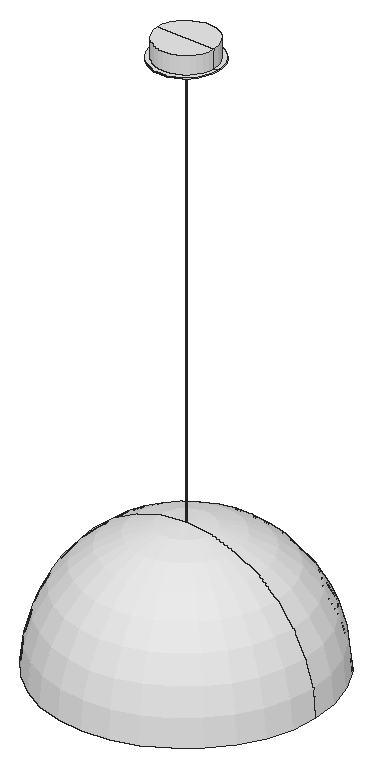
Revit family "3-21-xxxx Lucci Pendant", category Lighting Fixtures, host Ceiling, Revit 2018
Family settings
  Host = Ceiling
  Round Connector Dimension = Use Diameter
  Part Type = Normal
  OmniClass Number = 23.80.70.11
  OmniClass Title = Luminaries for Internal Lighting
  Always vertical = Yes
  Cut with Voids When Loaded = No
  Light Source = Yes
  Shared = No
  Room Calculation Point = No
Parameters (values of type "3-21-650 / White - Industrial Brass")
  Wattage Comments = "1 x 42W at 120"  # constant formula
  Wattage = 9.2903 W
  Voltage input = "120 V or 277 V - 50/60 Hz"  # constant formula
  built-in parameter 1150110 = 1 (stored number, unit not read)
  Voltage = 120 V
  URL = "www.oxygenlighting.com"
  built-in parameter 1114217 = 1 (stored number, unit not read)
  built-in parameter 1150109 = 1 (stored number, unit not read)
  built-in parameter 1150134 = (empty or 0)
  built-in parameter 1150113 = 1 (stored number, unit not read)
  References = "Ref. 3 = 120 V / Ref. 37 = 277 V"  # constant formula
  Pendant height [instance] = 51.1811"
  Model = "3-21-xxxx / Lucci Pendant"  # constant formula
  Metal finish 1 = 6 - White
  Metal Finish 2 = 50 - Industrial Brass
  Manufacturer = "Oxygen Lighting and Fans"  # constant formula
  Lumens = 1380 lm
  built-in parameter 1150115 = 1 (stored number, unit not read)
  built-in parameter 1150105 = 109.82 (stored number, unit not read)
  Light Source Symbol Size = 24"
  built-in parameter 1150137 = (empty or 0)
  built-in parameter 1150139 = (empty or 0)
  built-in parameter 1150112 = 1 (stored number, unit not read)
  built-in parameter 1150114 = 1 (stored number, unit not read)
  Lamp = "LED Array"  # constant formula
  built-in parameter 1150132 = 2
  built-in parameter 1150102 = (empty or 0)
  built-in parameter 1150138 = (empty or 0)
  built-in parameter 1150107 = 3000 (stored number, unit not read)
  built-in parameter 1150106 = 1.0982 (stored number, unit not read)
  built-in parameter 1150104 = 13.8 (stored number, unit not read)
  Dimming Lamp Color Temperature Shift = <None>
  Color Filter = 16777215
  built-in parameter 1114218 = 1 (stored number, unit not read)
  built-in parameter 1150133 = 10 (stored number, unit not read)
Types (2): name | Metal finish 1
  3-21-650 / White - Industrial Brass | 6 - White
  3-21-1550 / Black - Industrial Brass | 15 - Black
Reference planes (in)
  plane 1 "Light Source Axis (F/B)": y = 0
  plane 2: z = 0
  plane 3 "Light Source Axis (L/R)": x = 0
  plane 4 "Ceiling": z = 157.48031
  plane 5 "Light Source Elevation": z = 106.29921
  plane 6: z = 118.11024
Forms (in)
  Revolve 1, solid, material "6 - White" <- "Metal finish 1"
    sketch origin (0, 0, 0) x (1, 0, 0) y (0, 0, 1)
      loop
        line (0, 157.48031) -> (0, 118.11024) -> (0.05227, 118.11024) -> (0.05227, 155.82572) -> (2.95276, 155.82572) -> (2.95276, 155.90551) -> (2.55906, 155.90551) -> (2.55906, 157.48031) -> (0, 157.48031)
      axis (0, 118.11024) -> (0, 157.48031)
    angle from 0 to 360
Dimensions and locks (in)
  equal spacing: host sketch curve, plane 3 "Light Source Axis (L/R)", host sketch curve
  equal spacing: host sketch curve, plane 1 "Light Source Axis (F/B)", host sketch curve
  host sketch curve to host sketch curve = 157.48031"  (x2)
  plane 4 "Ceiling" to host ceiling = 0"
  locked: Revolve 1 sketch curve to Revolve 1 sketch curve at 1.6546
  locked: Revolve 1 sketch curve to Revolve 1 sketch curve at 2.55906
  locked: Revolve 1 sketch curve to Revolve 1 sketch curve at 0.0798
  locked: Revolve 1 sketch curve to Revolve 1 sketch curve at 2.95276
  locked: plane 6 to plane 5 "Light Source Elevation" at 11.81102
  "Pendant height": plane 5 "Light Source Elevation" to plane 4 "Ceiling"
  aligned and locked: plane 3 "Light Source Axis (L/R)" to imposter light
  aligned and locked: plane 1 "Light Source Axis (F/B)" to imposter light
  aligned and locked: plane 5 "Light Source Elevation" to imposter light
  aligned and locked: plane 3 "Light Source Axis (L/R)" to Revolve 1 sketch curve
  aligned and locked: Revolve 1 sketch curve to plane 4 "Ceiling"
  aligned and locked: plane 3 "Light Source Axis (L/R)" to nested 1
  aligned and locked: plane 1 "Light Source Axis (F/B)" to nested 1
  aligned and locked: nested 1 to plane 5 "Light Source Elevation"
  aligned and locked: Revolve 1 to plane 6
Automatic sketch dimensions
  Revolve 1 sketch curve to plane 3 "Light Source Axis (L/R)" = 0"
  Revolve 1 sketch curve to plane 6 = 0"
  Revolve 1 sketch curve to Revolve 1 sketch curve = 0.05227"
  Revolve 1 sketch curve to level = 14.10347"
  Revolve 1 sketch curve to Revolve 1 sketch curve = 14.25924"
Nested families (in)
  nested 1: "Family2" at (0, 0, 106.29921), type "Family2"
Connectors (in)
  electrical at (0, 0, 157.48031), driven by "Voltage"
    settings: on Revolve 1, index 1, voltage 120 V, apparent load 0 VA, apparent load phase1 0 VA, apparent load phase2 0 VA, apparent load phase3 0 VA, power factor 1, load classification "Other", number of poles 1, system type 31, power factor state 1, is connector primary yes, connector utility no, sub classification motor no, connector description ""
Definition of nested family "Family2"
  Parameters (values of type "Family2")
    Metal Finish 2 = none
    Metal Finish 1 = none
  Reference planes (in)
    plane 1 "Center (Front/Back)": y = 0
    plane 2: z = 0
    plane 3 "Center (Left/Right)": x = 0
  Forms (in)
    Revolve 1, solid, material <- "Metal Finish 1"
      sketch origin (0, 0, -64.56693) x (1, 0, 0) y (0, 0, 1)
        loop
          line (11.77165, 64.56693) -> (11.81102, 64.56693)
          arc (11.81102, 64.56693) -> (8.35165, 72.91858) -> (0, 76.37795) r 11.81102
          line (0, 76.37795) -> (0, 76.33858)
          arc (0, 76.33858) -> (8.32382, 72.89075) -> (11.77165, 64.56693) r 11.77165
        axis (0, 64.56693) -> (0, 76.37795)
      angle from 0 to 360
    Revolve 2, solid, material <- "Metal Finish 2"
      sketch origin (0, 0, 0) x (1, 0, 0) y (0, 0, 1)
        loop
          line (-11.77165, 0) -> (-11.73228, 0)
          arc (-11.73228, 0) -> (-8.29598, 8.29598) -> (0, 11.73228) r 11.73228
          line (0, 11.73228) -> (0, 11.77165)
          arc (0, 11.77165) -> (-8.32382, 8.32382) -> (-11.77165, 0) r 11.77165
        axis (0, 11.77165) -> (0, 0)
      angle from 0 to 360
  Dimensions and locks (in)
    aligned and locked: level to plane 2
    aligned and locked: Revolve 1 sketch curve to Revolve 1 sketch curve
